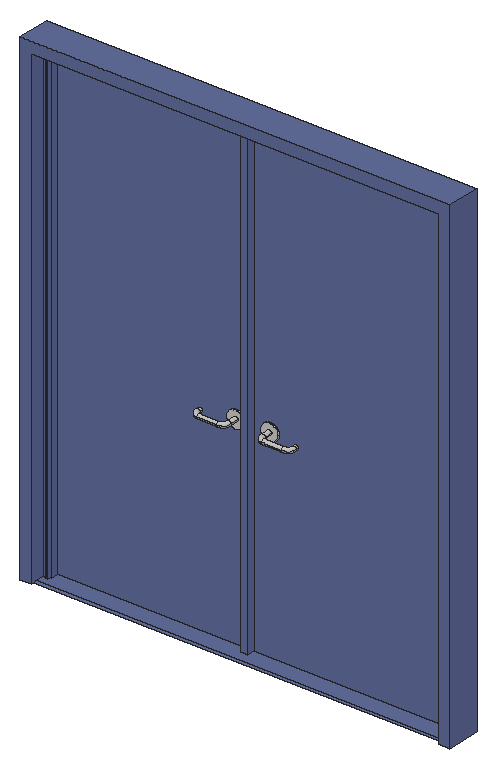
Revit family "Door_AcousticSteel_Ambico_Double-Flush", category Doors, host Wall, Revit 2026
Family settings
  Host = Wall
  Classification Number = 23.30.10.21.17.14
  Always vertical = Yes
  Cut with Voids When Loaded = No
  Shared = No
  Room Calculation Point = No
Parameters (values of type "ByType")
  ofst = if(AppliedPanel, 0' 1", 0' 0")  # 0' - 0"
  Wind Load = ""
  Water Penetration = ""
  StandardFrame = STCValue < 54  # yes
  Sound Transmission Class (STC) = 55
  SmallAstrigal = STCValue < 53  # no
  Small Trim = and(STCValue > 48, STCValue < 53)  # no
  STCValue = 53
  RO Offset = 0' - 0"
  Panel Height = Height - 0' 0 1/4"  # 6' - 11 3/4"
  Large Trim = STCValue = 53  # yes
  HighSTCFrame = STCValue > 53  # no
  Hardware Finish = Metal - Stainless Steel - Ambico - 4 Finish
  Handle Type Interior [instance] = Handle_Generic Lever : Handle_Generic Lever
  Handle Type Exterior [instance] = Handle_Generic Lever : Handle_Generic Lever
  Handle Height [instance] = 3' - 0"
  Function = Interior
  Frame Width = 0' - 2"
  Frame Thickness = 0' - 5 7/8"
  Frame Inset from Exterior [instance] = 0' - 0"
  Frame Finish = Metal - Steel - Ambico - Painted - Blue
  Building Code Conformance = ""
  AppliedPanel = STCValue > 53  # no
  Air Infiltration = ""
  ASTM Conformance = ""
  Panel Width = Width / 2  # 3' - 0"
  Panel Material = Metal - Steel - Ambico - Painted - Blue
  Manufacturer Phone = "613-746-4663 "
  Warranty Duration (Years) = 0
  URL = "http://www.ambico.com/"
  Thickness = 0' - 1 3/4"
  Test Data = ""
  Specification = "http://www.arcat.com/sd/clients/ambico.html?coid=40356"
  SpecWizard = ""
  Send Message = "http://www.arcat.com/users.pl?action=UserEmail&company=Ambico Limited&coid=40356&rep=119&fax=800-465-8561&mf="
  Sales Information = "http://www.ambico.com/contact.html"
  Rough Width = (Width + (RO Offset * 2))  # 6' - 0"
  Rough Height = (Height + (RO Offset))  # 7' - 0"
  R_Value = 0
  Product Properties = ""
  Product Data = "http://www.arcat.com/arcatcos/cos40/arc40356.html"
  Manufacturer Website = "http://www.ambico.com/"
  Manufacturer Phone - Toll Free = "888-423-2224"
  Manufacturer Fax = "800-465-8561"
  Manufacturer Address = "1120 Cummings Ave. Ottawa, ON Canada K1J 7R8"
  Maintenance Schedule (Months) = 0
  Installation-Fabrication = "http://www.ambico.com/specs-a-cads-library.html"
  Installation Phase = ""
  Green Building-LEED = "http://www.arcat.com/green/clients/leed_data_40356.html"
  Model = "As Specified"
  Manufacturer = "Ambico Limited"
  Keynote = "08300"
  Height = 7' - 0"
  Wall Closure = By host
  Width = 6' - 0"
  Fire Rating = "As Specified in 08300"
  Expected Lifespan (Years) = 0
  Drawn By = "Sumex Design, Inc. / Robert S. Weygant, CSI, CDT, SCIP"
  Description = "Ambico Door as Specified"
  Copyright = "©Arcat Inc."
  Construction Details = "http://www.arcat.com/details/ambico/ambico.html?coid=40356"
  Building Codes = ""
  Assembly Code = ""
  ADA Compliant = yes
  AAMA Designation = ""
Reference planes (in)
  plane 1 "Center (Front/Back)": y = -34.46225
  plane 2 "Center (Left/Right)": x = 62.28704
  plane 3: z = 0
  plane 4 "Right": x = 100.28704
  plane 5 "Left": x = 24.28704
  plane 6 "Closure": y = -36.46225
  plane 7: z = 0
  plane 8 "Top of Frame": z = 86
  plane 9 "RO Top": z = 86
  plane 10 "RO Right": x = 100.28704
  plane 11 "RO Left": x = 24.28704
  plane 12 "Frame Ext": y = -31.96225
  plane 13 "Frame Int": y = -37.83725
  plane 14: x = 98.28704
  plane 15: x = 26.28704
  plane 16: z = 84
  plane 17: z = 36
  plane 18: y = -33.71225
  plane 19: y = -33.71225
  plane 20: y = -31.96225
Forms (in)
  Sweep 1, solid, material "Metal - Steel - Ambico - Painted - Blue" <- "Frame Finish", visible <- "StandardFrame"
    path origin (1.99114, -31.96225, 48) x (-1, 0, 0) y (0, 0, 1)
      loop
        line (-98.2959, -48) -> (-98.2959, 38) -> (-22.2959, 38) -> (-22.2959, -48)
    profile "P_Frame_Standard : P_Frame_Standard" origin (100.28704, -31.96225, 43) x (1, 0, 0) y (0, 1, 0)
      loop
        line (0, 0) -> (-2, 0) -> (-2, -1.9375) -> (-2.625, -1.9375) -> (-2.625, -3.4375) -> (-2, -3.4375) -> (-2, -5.875) -> (0, -5.875) -> (0, 0)
  Sweep 2, solid, material "Metal - Steel - Ambico - Painted - Blue" <- "Frame Finish", visible <- "Small Trim"
    path origin (1.99114, -31.96225, 48) x (-1, 0, 0) y (0, 0, 1)
      loop
        line (-96.2959, -48) -> (-96.2959, 36) -> (-24.2959, 36) -> (-24.2959, -48)
    profile origin (98.28704, -31.96225, 42) x (1, 0, 0) y (0, 1, 0)
      loop
        line (-0.625, -1.9375) -> (-0.875, -1.9375) -> (-0.875, -2.9375) -> (-0.625, -2.9375) -> (-0.625, -1.9375)
  Sweep 3, solid, material "Metal - Steel - Ambico - Painted - Blue" <- "Frame Finish", visible <- "Large Trim"
    path origin (1.99114, -31.96225, 48) x (-1, 0, 0) y (0, 0, 1)
      loop
        line (-96.2959, -48) -> (-96.2959, 36) -> (-24.2959, 36) -> (-24.2959, -48)
    profile origin (98.28704, -31.96225, 42) x (1, 0, 0) y (0, 1, 0)
      loop
        line (-0.625, -1.9375) -> (-0.875, -1.9375) -> (-1.29687, -1.9375) -> (-1.29687, -2.9375) -> (-1.04687, -2.9375) -> (-1.04687, -3.4375) -> (-0.625, -3.4375) -> (-0.625, -1.9375)
  Sweep 4, solid, material "Metal - Steel - Ambico - Painted - Blue" <- "Frame Finish", visible <- "HighSTCFrame"
    path origin (1.99114, -31.96225, 48) x (-1, 0, 0) y (0, 0, 1)
      loop
        line (-98.2959, -48) -> (-98.2959, 38) -> (-22.2959, 38) -> (-22.2959, -48)
    profile "P_Frame_HighSTC : P_Frame_HighSTC" origin (100.28704, -31.96225, 43) x (1, 0, 0) y (0, 1, 0)
      loop
        line (0, 0) -> (-2, 0) -> (-2, -1.9375) -> (-2.5, -1.9375) -> (-2.5, -2.9375) -> (-3.3125, -2.9375) -> (-3.3125, -4.4375) -> (-2, -4.4375) -> (-2, -5.875) -> (0, -5.875) -> (0, 0)
  Sweep 5, solid, material "Metal - Steel - Ambico - Painted - Blue" <- "Panel Material", visible <- "HighSTCFrame"
    path in 3D
      loop
        line (61.78704, -34.71225, 0.25) -> (61.78704, -34.71225, 83.5)
    profile origin (61.78704, -34.71225, 41.875) x (0, -1, 0) y (1, 0, 0)
      loop
        line (0, 0) -> (0, -1.3125) -> (1.3125, -1.3125) -> (1.3125, 0) -> (0, 0)
  Sweep 6, solid, material "Metal - Steel - Ambico - Painted - Blue" <- "Panel Material", visible <- "Large Trim"
    path in 3D
      loop
        line (62.28704, -33.71225, 0.25) -> (62.28704, -33.71225, 84)
    profile origin (62.28704, -33.71225, 42.125) x (0, -1, 0) y (1, 0, 0)
      loop
        line (0, 0) -> (0, -1.25) -> (1.25, -1.25) -> (1.25, 0) -> (0, 0)
  Sweep 7, solid, material "Metal - Steel - Ambico - Painted - Blue" <- "Panel Material", visible <- "SmallAstrigal"
    path in 3D
      loop
        line (62.28704, -33.71225, 0.25) -> (62.28704, -33.71225, 84)
    profile origin (62.28704, -33.71225, 42.125) x (0, -1, 0) y (1, 0, 0)
      loop
        line (0, 0) -> (0, -0.75) -> (1.25, -0.75) -> (1.25, 0) -> (0, 0)
  Extrusion 8, solid, material "Metal - Steel - Ambico - Painted - Blue" <- "Frame Finish"
    sketch origin (26.28704, 12, 120.75512) x (0, 0, 1) y (0, 1, 0)
      loop
        line (-120.50512, -43.96225) -> (-120.75512, -43.71225) -> (-120.75512, -49.21225) -> (-120.50512, -48.96225) -> (-120.50512, -43.96225)
    from 0 to -72
Lines and regions (in)
  Opening 1
    outline origin (-109.33485, -36.46225, 0) x (1, 0, 0) y (0, 0, 1)
      loop
        line (133.62189, 0) -> (209.62189, 0) -> (209.62189, 86) -> (133.62189, 86) -> (133.62189, 0)
  sketch lines
    curve 1: line (61.78704, -34.71225, 0.25) -> (61.78704, -34.71225, 83.5)
    curve 2: line (62.28704, -33.71225, 0.25) -> (62.28704, -33.71225, 84)
    curve 3: line (62.28704, -33.71225, 0.25) -> (62.28704, -33.71225, 84)
Text (in)
  text "Exterior" at (50.54558, 27.31104, 0), in view "A101 - Plan View"
  text "Interior" at (50.54558, -25.14366, 0), in view "A101 - Plan View"
  text "Exterior" at (0, -17.98638, 123.01588), in view "Right"
  text "Interior" at (0, -64.39139, 123.01588), in view "Right"
  text "Interior" at (0, -52.09468, 121.14095), in view "Left"
  text "Exterior" at (0, 26.35325, 123.00693), in view "Left"
Dimensions and locks (in)
  equal spacing: plane 4 "Right", plane 2 "Center (Left/Right)", plane 5 "Left"
  "Height": level to plane 16
  "RO Offset": plane 5 "Left" to plane 11 "RO Left"
  "RO Offset": plane 10 "RO Right" to plane 4 "Right"
  "RO Offset": plane 9 "RO Top" to plane 8 "Top of Frame"
  "Frame Thickness": plane 12 "Frame Ext" to plane 13 "Frame Int"
  "Frame Width": plane 16 to plane 8 "Top of Frame"
  "Frame Width": plane 4 "Right" to plane 14
  "Frame Width": plane 5 "Left" to plane 15
  "Frame Inset from Exterior": plane 20 to plane 12 "Frame Ext"
  "Handle Height": level to plane 17
  locked: plane 2 "Center (Left/Right)" to nested 3 at 3
  locked: plane 2 "Center (Left/Right)" to nested 2 at 3
  "Thickness": plane 12 "Frame Ext" to plane 19
  "ofst": plane 18 to plane 19
  locked: plane 2 "Center (Left/Right)" to nested 5 at 3
  locked: plane 2 "Center (Left/Right)" to nested 6 at 3
  locked: plane 20 to host wall at 0.5
  "Width": plane 15 to plane 14
  locked: plane 12 "Frame Ext" to Extrusion 8 sketch curve at 5
  aligned and locked: host wall to plane 1 "Center (Front/Back)"
  aligned and locked: host wall to plane 6 "Closure"
  aligned and locked: plane 12 "Frame Ext" to nested 1
  aligned and locked: plane 17 to nested 3
  aligned and locked: nested 2 to plane 17
  aligned and locked: nested 1 to plane 14
  aligned and locked: nested 4 to plane 15
  aligned and locked: plane 12 "Frame Ext" to nested 4
  aligned and locked: nested 5 to plane 17
  aligned and locked: plane 17 to nested 6
  aligned and locked: Extrusion 8 to plane 14
Automatic sketch dimensions
  Opening 1 sketch curve to plane 9 "RO Top" = 0' - 0"
  Opening 1 sketch curve to plane 11 "RO Left" = 0' - 0"
  Opening 1 sketch curve to plane 10 "RO Right" = 0' - 0"
  Opening 1 sketch curve to level = 0' - 0"
  Sweep 1 sketch curve to plane 4 "Right" = 0' - 0"
  Sweep 1 sketch curve to plane 5 "Left" = 0' - 0"
  Sweep 1 sketch curve to level = 0' - 0"  (x2)
  Sweep 1 sketch curve to plane 8 "Top of Frame" = 0' - 0"
  Sweep 2 sketch curve to plane 14 = 0' - 0"
  Sweep 2 sketch curve to plane 15 = 0' - 0"
  Sweep 2 sketch curve to level = 0' - 0"  (x2)
  Sweep 2 sketch curve to plane 16 = 0' - 0"
  profile plane to Sweep 2 sketch curve = 0' - 0 7/8"
  Sweep 2 sketch curve to Sweep 2 sketch curve = 0' - 0 1/4"
  Sweep 2 sketch curve to plane 12 "Frame Ext" = 0' - 2 15/16"
  Sweep 2 sketch curve to Sweep 2 sketch curve = 0' - 1"
  Sweep 3 sketch curve to plane 14 = 0' - 0"
  Sweep 3 sketch curve to plane 15 = 0' - 0"
  Sweep 3 sketch curve to level = 0' - 0"  (x2)
  Sweep 3 sketch curve to plane 16 = 0' - 0"
  profile plane to Sweep 3 sketch curve = 0' - 1 19/64"
  Sweep 3 sketch curve to Sweep 3 sketch curve = 0' - 0 1/4"  (x2)
  Sweep 3 sketch curve to Sweep 3 sketch curve = 0' - 0 27/64"
  Sweep 3 sketch curve to plane 12 "Frame Ext" = 0' - 3 7/16"
  Sweep 3 sketch curve to Sweep 3 sketch curve = 0' - 0 1/2"
  Sweep 3 sketch curve to Sweep 3 sketch curve = 0' - 1"
  Sweep 4 sketch curve to plane 4 "Right" = 0' - 0"
  Sweep 4 sketch curve to plane 5 "Left" = 0' - 0"
  Sweep 4 sketch curve to level = 0' - 0"  (x2)
  Sweep 4 sketch curve to plane 8 "Top of Frame" = 0' - 0"
  Sweep 5 sketch curve to profile plane = 0' - 0"  (x2)
  Sweep 5 sketch curve to profile plane = 0' - 1 5/16"
  Sweep 5 sketch curve to Sweep 5 sketch curve = 0' - 1 5/16"
  Sweep 6 sketch curve to profile plane = 0' - 0"  (x2)
  Sweep 6 sketch curve to profile plane = 0' - 1 1/4"
  Sweep 6 sketch curve to Sweep 6 sketch curve = 0' - 1 1/4"
  Sweep 7 sketch curve to profile plane = 0' - 0"  (x2)
  Sweep 7 sketch curve to profile plane = 0' - 1 1/4"
  Sweep 7 sketch curve to profile plane = 0' - 0 3/4"
  Extrusion 8 sketch curve to level = 0' - 0"
  Extrusion 8 sketch curve to plane 12 "Frame Ext" = 0' - 0"
  level to Extrusion 8 sketch curve = 0' - 0 1/4"
  Extrusion 8 sketch curve to Extrusion 8 sketch curve = 0' - 0 1/4"
  plane 12 "Frame Ext" to Extrusion 8 sketch curve = 0' - 0 1/4"
Nested families (in)
  nested 1: "Panel_Flush" at (80.28704, -32.83725, 0.25) x (-1, 0, 0) z (0, 0, 1), Material <- "Panel Material", Width <- "Panel Width", Thickness <- "Thickness", Height <- "Panel Height", Applied Panel <- "AppliedPanel", type "Panel_Flush"
    with offset 0' - 0", Width 3' - 0", Thickness 0' - 1 3/4", Offset 0' - 0", Material Metal - Steel - Ambico - Painted - Blue, Inactive Leaf yes, Height 6' - 11 3/4", Applied Panel no, Active Leaf no
  nested 2: "Handle_Generic Lever" at (65.28704, -31.96225, 36) x (-1, 0, 0) z (0, 1, 0), Material <- "Hardware Finish", type <- "Handle Type Exterior", type "Handle_Generic Lever"
    with Material Metal - Stainless Steel - Ambico - 4 Finish
  nested 3: "Handle_Generic Lever" at (65.28704, -33.71225, 36) x (-1, 0, 0) z (0, -1, 0), Material <- "Hardware Finish", type <- "Handle Type Interior", type "Handle_Generic Lever"
    with Material Metal - Stainless Steel - Ambico - 4 Finish
  nested 4: "Panel_Flush" at (44.28704, -32.83725, 0.25), Material <- "Panel Material", Width <- "Panel Width", Thickness <- "Thickness", Height <- "Panel Height", Applied Panel <- "AppliedPanel", type "Panel_Flush"
    with offset 0' - 0", Width 3' - 0", Thickness 0' - 1 3/4", Offset 0' - 1", Material Metal - Steel - Ambico - Painted - Blue, Inactive Leaf no, Height 6' - 11 3/4", Applied Panel no, Active Leaf yes
  nested 5: "Handle_Generic Lever" at (59.28704, -33.71225, 36) x (1, 0, 0) z (0, -1, 0), Material <- "Hardware Finish", type <- "Handle Type Interior", type "Handle_Generic Lever"
    with Material Metal - Stainless Steel - Ambico - 4 Finish
  nested 6: "Handle_Generic Lever" at (59.28704, -31.96225, 36) x (1, 0, 0) z (0, 1, 0), Material <- "Hardware Finish", type <- "Handle Type Exterior", type "Handle_Generic Lever"
    with Material Metal - Stainless Steel - Ambico - 4 Finish
Definition of nested family "Panel_Flush"
  Parameters
    offset [instance] = 0' - 0"
    Width [instance] = 3' - 0"
    Warranty Duration (Years) = 0
    URL = "http://www.ambico.com/"
    Thickness [instance] = 0' - 2"
    Specification = "http://www.arcat.com/sd/clients/ambico.html?coid=40356"
    SpecWizard = ""
    Send Message = "http://www.arcat.com/users.pl?action=UserEmail&company=Ambico Limited&coid=40356&rep=119&fax=800-465-8561&mf="
    Sales Information = "http://www.ambico.com/contact.html"
    Revision = "R1_03-2012"
    Product Properties = ""
    Product Data = "http://www.arcat.com/arcatcos/cos40/arc40356.html"
    Offset [instance] = if(Inactive Leaf, 0' 0", if(Active Leaf, 0' 1", 0' 0 1/2"))  # 0' - 0"
    Model = "As Specified"
    Material [instance] = none
    Manufacturer Website = "http://www.ambico.com/"
    Manufacturer Phone - Toll Free = "888-423-2224"
    Manufacturer Phone = "613-746-4663 "
    Manufacturer Fax = "800-465-8561"
    Manufacturer Address = "1120 Cummings Ave. Ottawa, ON Canada K1J 7R8"
    Manufacturer = "Ambico Limited"
    Maintenance Schedule (Months) = 0
    Keynote = "08300"
    Installation-Fabrication = "http://www.ambico.com/specs-a-cads-library.html"
    Installation Phase = ""
    Inactive Leaf [instance] = yes
    Height [instance] = 7' - 0"
    Green Building-LEED = "http://www.arcat.com/green/clients/leed_data_40356.html"
    Expected Lifespan (Years) = 0
    Drawn By = "Sumex Design, Inc. / Robert S. Weygant, CSI, CDT, SCIP"
    Description = "Ambico Door Product as Specified"
    Default Elevation = 4' - 0"
    Copyright = "©Arcat Inc."
    Construction Details = "http://www.arcat.com/details/ambico/ambico.html?coid=40356"
    Assembly Code = ""
    Applied Panel [instance] = yes
    Active Leaf [instance] = yes
  Reference planes (in)
    plane 1 "Center (Front/Back)": y = 0
    plane 2 "Bottom": z = 0
    plane 3 "Center (Left/Right)": x = 0
    plane 4 "Front": y = -1
    plane 5 "Back": y = 1
    plane 6 "Left": x = -18
    plane 7 "Right": x = 18
    plane 8 "Top": z = 84
    plane 9: z = 42
    plane 10: x = 18.5
  Forms (in)
    Extrusion 1, solid, material <- "Material"
      sketch origin (0, 1, 0) x (-1, 0, 0) y (0, 0, 1)
        loop
          line (18, 84) -> (-18, 84) -> (-18, 0) -> (18, 0) -> (18, 84)
      from 0 to -2
    Extrusion 2, solid, material <- "Material", visible <- "Applied Panel"
      sketch origin (-11.94222, -1, 48) x (-1, 0, 0) y (0, 0, 1)
        loop
          line (5.55778, 35.5) -> (-30.44222, 35.5) -> (-30.44222, -48) -> (5.55778, -48) -> (5.55778, 35.5)
      from 0 to -1
  Lines and regions (in)
    symbolic lines
      curve 1: line (18, 0, 84) -> (-18, 0, 42)
      curve 2: line (-18, 0, 42) -> (18, 0, 0)
      curve 3: arc (18, 1, 0) -> (7.45584, 26.45584, 0) -> (-18, 37, 0) r 36
      curve 4: line (-18, 37, 0) -> (-18, 1, 0)
  Dimensions and locks (in)
    equal spacing: plane 6 "Left", plane 3 "Center (Left/Right)", plane 7 "Right"
    "Width": plane 6 "Left" to plane 7 "Right"
    equal spacing: plane 5 "Back", plane 1 "Center (Front/Back)", plane 4 "Front"
    "Thickness": plane 5 "Back" to plane 4 "Front"
    "Height": plane 8 "Top" to level
    equal spacing: plane 8 "Top", plane 9, level
    locked: plane 10 to plane 7 "Right" at 0.5
    "Offset": plane 10 to Extrusion 2 sketch curve
    aligned and locked: Extrusion 1 to plane 4 "Front"
  Automatic sketch dimensions
    Extrusion 1 sketch curve to plane 7 "Right" = 0' - 0"
    Extrusion 1 sketch curve to level = 0' - 0"
    Extrusion 1 sketch curve to plane 6 "Left" = 0' - 0"
    Extrusion 1 sketch curve to plane 8 "Top" = 0' - 0"
    curve 1 to plane 6 "Left" = 0' - 0"
    curve 2 to level = 0' - 0"
    curve 2 to plane 7 "Right" = 0' - 0"
    curve 1 to plane 7 "Right" = 0' - 0"
    curve 1 to plane 9 = 0' - 0"
    curve 1 to plane 8 "Top" = 0' - 0"
    curve 4 to plane 5 "Back" = 0' - 0"
    curve 3 to plane 6 "Left" = 0' - 0"
    curve 3 to plane 5 "Back" = 0' - 0"
    curve 3 to plane 7 "Right" = 0' - 0"
    Extrusion 2 sketch curve to level = 0' - 0"
    plane 6 "Left" to Extrusion 2 sketch curve = 0' - 0 1/2"
    Extrusion 2 sketch curve to plane 8 "Top" = 0' - 0 1/2"
Definition of nested family "Handle_Generic Lever"
  Parameters
    Material [instance] = none
    Default Elevation = 4' - 0"
  Reference planes (in)
    plane 1 "Center (Front/Back)": y = 0
    plane 2: z = 0
    plane 3 "Center (Left/Right)": x = 0
  Forms (in)
    Sweep 1, solid, material <- "Material"
      path origin (0, 0, 0) x (1, 0, 0) y (0, 0, 1)
        loop
          line (0, 0) -> (0, 1.76511)
          arc (0, 1.76511) -> (-0.29289, 2.47221) -> (-1, 2.76511) r 1
          line (-1, 2.76511) -> (-4.5, 2.76511)
          arc (-4.5, 2.76511) -> (-5.20711, 2.47221) -> (-5.5, 1.76511) r 1
          line (-5.5, 1.76511) -> (-5.5, 1.26511)
      profile origin (0, 0, 0.88255) x (-1, 0, 0) y (0, -1, 0)
        loop
          circle (0, 0) r 0.375
    Extrusion 2, solid, material <- "Material"
      sketch origin (0, 0, 0) x (1, 0, 0) y (0, 1, 0)
        loop
          circle (0, 0) r 1.5
      from 0 to 0.25
  Cuts and joins
    joined: Sweep 1, Extrusion 2
